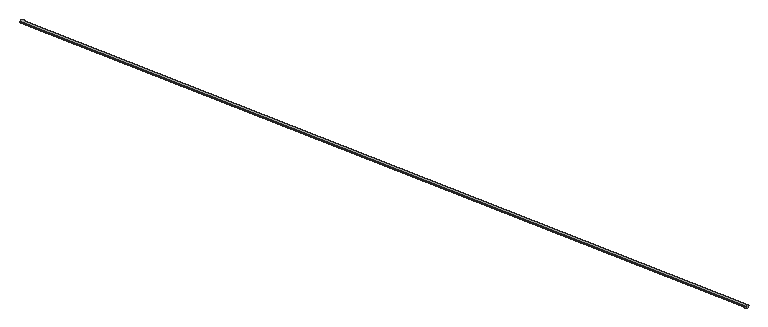
Revit family "Plumbing_Pipes_Aignep_Safety-Kit-for-90806-90808", category Pipe Accessories, Revit 2018
Family settings
  Round Connector Dimension = Use Diameter
  Part Type = Normal
  OmniClass Number = 23.27.43.00
  OmniClass Title = Pipe Fittings
  Cut with Voids When Loaded = No
  Shared = No
Parameters (values of type "90808")
  URL = "https://www.aignep.com/"
  Tick Size [instance] = Nominal Diameter * 0.8  # 4 mm
  QR code = "https://www.bimobject.com/aignep/product/safety-kit-for-90806-90808"
  Product url = "https://www.aignep.com/eng/Pipe-fittings-INFINITY/Air-Pipeline-INFINITY-Series/SAFETY-KIT-FOR-90806"
  Product name = "Safety Kit For 90806 - 90808"
  Product group = "Fittings"
  Product family = "INFINITY"
  Product data url = "https://www.bimobject.com/aignep/product/safety-kit-for-90806-90808"
  Product certification = "https://www.aignep.com/eng/Certificazioni/FREE-OF-SILICON"
  Product SKU = "Safety-Kit-For-90806-90808"
  Product Material = AIGNEP - Aluminium - Grey
  Product Guid = "e5c345e9-7fa7-4b49-a057-3c7c8c6dd7ff"
  OmniClass Description = "Pipe Fittings"
  OmniClass Code = "23-27 43 00"
  Nominal Diameter [instance] = 5.000 mm
  Model = "90808"
  Material main = "Steel"
  Manufacturer name = "Aignep Spa"
  Manufacturer country = "Italy"
  Manufacturer = "Aignep Spa"
  Length Control [instance] = if([built-in parameter 1001306] < 50 mm, 50 mm, if([built-in parameter 1001306] > 3500 mm, 3500 mm, [built-in parameter 1001306]))  # 1000 mm
  built-in parameter 1001306 [instance] = 1000 mm
  Keynote = "15410"
  IFC Classification = "Pipe Fitting"
  Edition number = 1
  Diameter [instance] = Nominal Diameter - 2 mm  # 3 mm
  Design country = "Italy"
  Description = "Safety kit for 90806"  # constant formula
  BIMobject category = "Joints"
  Assembly Code = "D2040100"
  Article Code = "90808 00 001"  # constant formula
Reference planes
  plane 1 "Center (Front/Back)": y = 0
  plane 2: z = 0
  plane 3 "Left": x = 0
  plane 4 "Right": x = 1000
  plane 5: x = 1000
  plane 6: y = 2.5
  plane 7: y = -2.5
Forms (mm)
  Sweep 1, solid, material "AIGNEP - Aluminium - Grey" <- "Product Material", detail levels fine
    path origin (0, 0, 0) x (1, 0, 0) y (0, 1, 0)
      loop
        line (0, 0) -> (1000, 0)
    profile origin (500, 0, 0) x (0, 1, 0) y (0, 0, 1)
      loop
        circle (0, 0) r 1.5
Lines and regions (mm)
  reference lines
    curve 1: line (0, 0, 0) -> (1000, 0, 0)
  model lines, detail levels coarse+medium
    curve 2: line (0, 0, 0) -> (1000, 0, 0)
    curve 3: line (0, 4, 0) -> (0, -4, 0)
    curve 4: line (1000, 4, 0) -> (1000, -4, 0)
Dimensions and locks
  "built-in parameter 1001306": plane 3 "Left" to plane 4 "Right"
  "Length Control": plane 3 "Left" to plane 5
  equal spacing: plane 6, plane 1 "Center (Front/Back)", plane 7
  "Nominal Diameter": plane 7 to plane 6
  "Tick Size": plane 1 "Center (Front/Back)" to curve 4
  "Tick Size": curve 4 to plane 1 "Center (Front/Back)"
  "Tick Size": plane 1 "Center (Front/Back)" to curve 3
  "Tick Size": curve 3 to plane 1 "Center (Front/Back)"
  "Diameter": diameter of Sweep 1 sketch curve
  aligned and locked: plane 1 "Center (Front/Back)" to curve 1
  aligned and locked: plane 3 "Left" to curve 1
  aligned and locked: level to plane 2
  aligned and locked: plane 5 to curve 1
  aligned and locked: plane 1 "Center (Front/Back)" to Sweep 1 sketch curve
  aligned and locked: plane 5 to curve 2
  aligned and locked: plane 3 "Left" to curve 2
  aligned and locked: plane 1 "Center (Front/Back)" to curve 2
  aligned and locked: curve 3 to plane 3 "Left"
  aligned and locked: curve 4 to plane 5
  aligned and locked: plane 3 "Left" to Sweep 1 sketch curve
  aligned and locked: plane 5 to Sweep 1 sketch curve
Automatic sketch dimensions
  Sweep 1 sketch curve to level = 0 mm
  Sweep 1 sketch curve to profile plane = 0 mm
